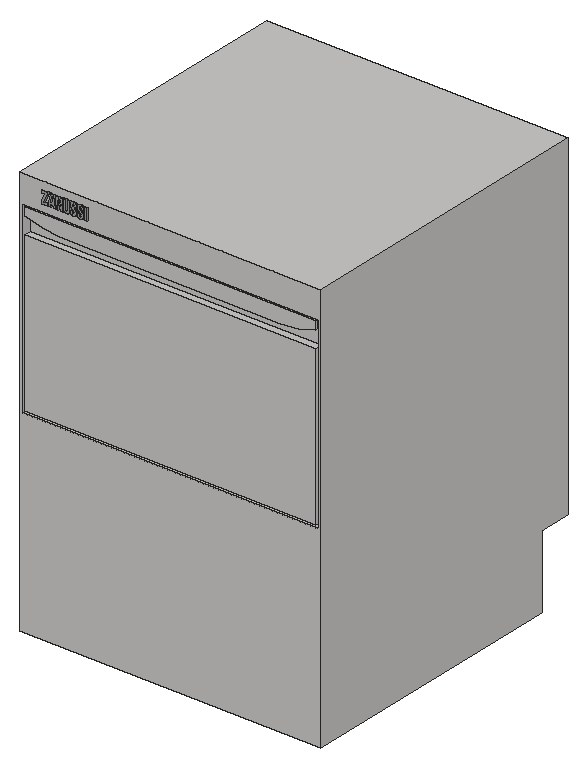
Revit family "QF_ZANUSSI_502725_ZLI3", category Specialty Equipment, Revit 2018
Family settings
  Round Connector Dimension = Use Diameter
  Part Type = Normal
  Work Plane-Based = No
  Always vertical = Yes
  Cut with Voids When Loaded = No
  Shared = No
  Room Calculation Point = No
Parameters (values of type "Standard")
  Weight = 56.00 kg
  Watts = 0 W
  Volts = 400 V
  URL Manufacturer = "http://www.zanussiprofessional.com"
  URL = "http://www.zanussiprofessional.com"
  Steam Supply Size = 0 mm
  Steam Supply Minimum Pressure = 0.0 Pa
  Steam Supply Maximum Pressure = 0.0 Pa
  Steam Pounds per Hour = 0
  Show Logo [instance] = yes
  Show Clearance [instance] = yes
  Refrigeration Suction Line Size = 0 mm
  Refrigeration Liquid Line Size = 0 mm
  Refrigerant Compressor Remote = yes
  Manufacturer = "Zanussi"
  Phase = 3
  Model = "ZLI3"
  Length Actual = 600 mm  # constant formula
  Item Number = "502725"
  Hot Water Size = 19.05 mm
  Height Actual = 820 mm  # constant formula
  HP = "7.2 HP"
  Gas Size = 0 mm
  Gas KW = 0
  Gas Input Pressure = 0 W
  Direct Waste Size = 40 mm
  Description = "UNDERCOUNTER(L), DOUBLE SKIN, 3PH, 720D/H"
  Depth Actual = 615 mm  # constant formula
  Cycle = 50 Hz
  Condensate Return Size = 0 mm
  Compressed Air Volume = 0.0 L/s
  Compressed Air Size = 0 mm
  Compressed Air Pressure = 0.0 Pa
  Cold Water Size = 0 mm
  Accessory = yes
Reference planes
  plane 1 "Center (Front/Back)": y = 0
  plane 2: z = 0
  plane 3 "Center (Left/Right)": x = 0
  plane 4 "LEFT": x = -300
  plane 5 "RIGHT": x = 300
  plane 6 "FRONT": y = -307.5
  plane 7 "BACK": y = 307.5
  plane 8: x = -202.5
  plane 9: x = 202.5
  plane 10: z = 830
  plane 11: z = 10
  plane 12: y = -679.5
Forms (mm)
  Extrusion 1, solid, material "QF_Finishes_Stainless Steel"
    sketch origin (0, 0, 0) x (1, 0, 0) y (0, 1, 0)
      loop
        line (-300, -307.5) -> (300, -307.5) -> (300, 243.5) -> (-300, 243.5) -> (-300, -307.5)
    from 10 to 830
  Extrusion 2, solid, material "QF_Finishes_Stainless Steel"
    sketch origin (0, 0, 0) x (1, 0, 0) y (0, 1, 0)
      loop
        line (-300, 243.5) -> (300, 243.5) -> (300, 307.5) -> (-300, 307.5) -> (-300, 243.5)
    from 157.434 to 830
  Extrusion 3, void
    sketch origin (-300, -307.5, 0) x (-1, 0, 0) y (0, 0, 1)
      loop
        line (-5, 773.217) -> (-595, 773.217) -> (-595, 401.217) -> (-5, 401.217) -> (-5, 773.217)
    from 0 to 30
  Extrusion 4, solid, material "QF_Finishes_Stainless Steel"
    sketch origin (-274, -392, 733) x (0, 0, -1) y (1, 0, 0)
      loop
        circle (693, 143) r 10
    from -635.5 to -699.5
  Extrusion 5, solid, material "QF_Door-Drawer Clearances", visible <- "Show Clearance", detail levels coarse
    sketch origin (-230, -282.5, -30) x (0, 1, 0) y (0, 0, -1)
      loop
        line (-25, -431.217) -> (-397, -431.217)
        arc (-397, -431.217) -> (-288.044, -694.261) -> (-25, -803.217) r 372
        line (-25, -803.217) -> (-25, -431.217)
    from 59.655 to -520
  Extrusion 6, solid, material "QF_Finishes_Stainless Steel"
    sketch origin (-331.481, -392, 703) x (0, 0, -1) y (1, 0, 0)
      loop
        circle (663, 252.481) r 8
    from -635.5 to -699.5
  Extrusion 7, solid, material "QF_Finishes_Stainless Steel"
    sketch origin (-230, -282.5, 0) x (0, 1, 0) y (0, 0, -1)
      loop
        line (-25, -406.25) -> (-25, -720) -> (-10, -720) -> (-10, -770) -> (0, -770) -> (0, -406.25) -> (-25, -406.25)
    from 59.655 to -520
  Extrusion 8, solid, material "QF_Finishes_Stainless Steel"
    sketch origin (-230, -282.5, 0) x (0, 1, 0) y (0, 0, -1)
      loop
        line (-10, -770) -> (-10, -767.514) -> (-22.5, -767.514) -> (-22.5, -741.25) -> (-25, -741.25) -> (-25, -770) -> (-10, -770)
    from 59.655 to -520
  Extrusion 9, void
    sketch origin (-230, -307.5, 770) x (0, 0, 1) y (1, 0, 0)
      loop
        line (-28.75, 10.266) -> (-28.75, -59.655) -> (-15.552, -59.655)
        arc (-15.552, -59.655) -> (-25.346, -25.298) -> (-28.75, 10.266) r 196.283
      loop
        arc (-28.75, 450.08) -> (-25.346, 485.643) -> (-15.552, 520) r 196.283
        line (-15.552, 520) -> (-28.75, 520) -> (-28.75, 450.08)
    from 0 to 2.5
  Extrusion 10, solid, material "QF_Finishes_Stainless Steel"
    sketch origin (-301, 938.5, 792.934) x (0, -1, 0) y (1, 0, 0)
      loop
        circle (663, 158) r 8
    from -635.5 to -645.5
  Extrusion 11, solid, material "QF_Finishes_Stainless Steel"
    sketch origin (0, 17.5, 0) x (1, 0, 0) y (0, 1, 0)
      loop
        circle (-254, -255) r 12.5
      loop
        circle (254, -255) r 12.5
      loop
        circle (-254, 176) r 12.5
      loop
        circle (254, 176) r 12.5
    from 0 to 10
Cuts and joins
  Extrusion 3 cuts Extrusion 1
  joined: Extrusion 1, Extrusion 2
  Extrusion 9 cuts Extrusion 7
  Extrusion 9 cuts Extrusion 8
Lines and regions (mm)
  Split face 1
    outline origin (-280, -307.5, 830) x (0, 0, -1) y (1, 0, 0)
      loop
        line (19.683, 178.044) -> (39.683, 178.044) -> (39.683, 218.044) -> (19.683, 218.044) -> (19.683, 178.044)
  Split face 2
    outline origin (-300, -307.5, 830) x (0, 0, -1) y (1, 0, 0)
      loop
        line (0, 60) -> (8.971, 363.359)
        arc (8.971, 363.359) -> (10.385, 376.81) -> (13.197, 390.04) r 129.217
        line (13.197, 390.04) -> (16.45, 402.178)
        arc (16.45, 402.178) -> (21.39, 439.707) -> (16.45, 477.235) r 145
        line (16.45, 477.235) -> (12.733, 491.107)
        arc (12.733, 491.107) -> (7.775, 516.22) -> (4.504, 541.608) r 383.339
        line (4.504, 541.608) -> (0, 579.217)
      loop
        line (56.783, 109.273) -> (50.394, 371.184)
        arc (50.394, 371.184) -> (48.98, 384.635) -> (46.168, 397.865) r 129.217
        line (46.168, 397.865) -> (42.916, 410.003)
        arc (42.916, 410.003) -> (37.975, 447.532) -> (42.916, 485.06) r 145
        line (42.916, 485.06) -> (46.633, 498.932)
        arc (46.633, 498.932) -> (51.508, 520.123) -> (54.862, 541.608) r 305
        line (54.862, 541.608) -> (56.783, 557.653)
  Split face 3
    outline origin (-300, -307.5, 830) x (0, 0, -1) y (1, 0, 0)
      loop
        line (0.533, 600) -> (7.482, 541.965)
        arc (7.482, 541.965) -> (10.72, 516.79) -> (15.63, 491.887) r 380.339
        line (15.63, 491.887) -> (19.347, 478.015)
        arc (19.347, 478.015) -> (24.39, 439.71) -> (19.347, 401.405) r 148
        line (19.347, 401.405) -> (16.095, 389.267)
        arc (16.095, 389.267) -> (13.348, 376.344) -> (11.967, 363.205) r 126.217
        line (11.967, 363.205) -> (0, 2.678)
      loop
        line (56.783, 582.884) -> (51.883, 541.965)
        arc (51.883, 541.965) -> (48.562, 520.691) -> (43.735, 499.709) r 302
        line (43.735, 499.709) -> (40.018, 485.837)
        arc (40.018, 485.837) -> (34.975, 447.532) -> (40.018, 409.226) r 148
        line (40.018, 409.226) -> (43.27, 397.089)
        arc (43.27, 397.089) -> (46.017, 384.166) -> (47.398, 371.027) r 126.217
        line (47.398, 371.027) -> (56.783, 51.951)
  Split face 4
    outline origin (-300, -307.5, 830) x (0, 0, -1) y (1, 0, 0)
      loop
        line (56.783, 5) -> (56.783, 0)
      loop
        line (56.783, 595) -> (56.783, 600)
  symbolic lines
    curve 1: line (-300, 307.5, 0) -> (300, 307.5, 0)
    curve 2: line (-300, -307.5, 0) -> (-300, 307.5, 0)
    curve 3: line (300, -307.5, 0) -> (-300, -307.5, 0)
    curve 4: line (300, 307.5, 0) -> (300, -307.5, 0)
  symbolic lines, style "QF_Door-Drawer Clearances"
    curve 5: line (-290, -679.5, 0) -> (290, -679.5, 0)
    curve 6: line (290, -679.5, 0) -> (290, -307.5, 0)
    curve 7: line (-290, -679.5, 0) -> (-290, -307.5, 0)
  symbolic lines, style "SpecialityEquipmentHiddenLines"
    curve 8: line (-300, 243.5, 0) -> (300, 243.5, 0)
Dimensions and locks
  equal spacing: plane 4 "LEFT", plane 3 "Center (Left/Right)", plane 5 "RIGHT"
  equal spacing: plane 7 "BACK", plane 1 "Center (Front/Back)", plane 6 "FRONT"
  plane 7 "BACK" to plane 6 "FRONT" = 615 mm
  plane 4 "LEFT" to plane 5 "RIGHT" = 600 mm
  plane 4 "LEFT" to plane 8 = 97.5 mm
  plane 9 to plane 5 "RIGHT" = 97.5 mm
  plane 11 to level = 10 mm
  plane 4 "LEFT" to plane 3 "Center (Left/Right)" = 300 mm
  plane 10 to level = 830 mm  (x2)
  plane 8 to plane 9 = 405 mm
  Extrusion 10 sketch curve to plane 4 "LEFT" = 157 mm
  level to Extrusion 4 sketch curve = 40 mm
  Extrusion 4 sketch curve to plane 4 "LEFT" = 169 mm
  Extrusion 6 sketch curve to plane 4 "LEFT" = 221 mm
  level to Extrusion 6 sketch curve = 40 mm
  plane 9 to plane 8 = 405 mm
  plane 7 "BACK" to curve 5 = 987 mm
  cut or joined group of Extrusion 7, Extrusion 9 to cut or joined group of Extrusion 1, Extrusion 2, Extrusion 3 = 318.783 mm
  plane 10 to plane 11 = 820 mm
  cut or joined group of Extrusion 8, Extrusion 9 to Extrusion 5 = 368.783 mm
  plane 7 "BACK" to plane 12 = 987 mm
  aligned and locked: level to plane 2
  aligned and locked: Extrusion 1 sketch curve to plane 6 "FRONT"
  aligned and locked: Extrusion 1 sketch curve to plane 4 "LEFT"
  aligned and locked: plane 5 "RIGHT" to Extrusion 1 sketch curve
  aligned and locked: Extrusion 1 to plane 11
  aligned and locked: Extrusion 2 sketch curve to Extrusion 1  (x2)
  aligned and locked: plane 7 "BACK" to Extrusion 2 sketch curve
  aligned and locked: plane 5 "RIGHT" to Extrusion 2 sketch curve
  aligned and locked: Extrusion 2 to Extrusion 4
  aligned and locked: Extrusion 2 to Extrusion 6
  aligned and locked: plane 7 "BACK" to Extrusion 6
  aligned and locked: plane 7 "BACK" to Extrusion 4
  aligned and locked: cut or joined group of Extrusion 8, Extrusion 9 to Extrusion 9
  aligned and locked: plane 10 to Extrusion 2
Automatic sketch dimensions
  Extrusion 1 sketch curve to plane 7 "BACK" = 64 mm
  Extrusion 3 sketch curve to Extrusion 1 = 5 mm  (x2)
  Extrusion 3 sketch curve to Extrusion 1 = 428.783 mm
  Extrusion 3 sketch curve to Extrusion 1 = 56.783 mm
  Extrusion 7 sketch curve to plane 6 "FRONT" = 0 mm
  plane 6 "FRONT" to Extrusion 7 sketch curve = 15 mm
  Extrusion 7 sketch curve to Extrusion 7 sketch curve = 25 mm
  Extrusion 7 sketch curve to plane 10 = 60 mm
  Extrusion 7 sketch curve to Extrusion 7 sketch curve = 50 mm
  Extrusion 7 sketch curve to Extrusion 7 sketch curve = 313.75 mm
  Extrusion 8 sketch curve to plane 6 "FRONT" = 0 mm
  Extrusion 8 sketch curve to Extrusion 8 sketch curve = 2.5 mm
  Extrusion 8 sketch curve to Extrusion 8 sketch curve = 12.5 mm
  Extrusion 8 sketch curve to plane 10 = 60 mm
  Extrusion 8 sketch curve to Extrusion 8 sketch curve = 2.486 mm
  Extrusion 8 sketch curve to Extrusion 8 sketch curve = 26.264 mm
  Extrusion 9 sketch curve to Extrusion 8 = 0 mm  (x3)
  Extrusion 8 to Extrusion 9 sketch curve = 0 mm
  Extrusion 9 sketch curve to Extrusion 8 = 13.198 mm  (x2)
  Extrusion 9 sketch curve to Extrusion 8 = 70.763 mm  (x2)
  Extrusion 9 sketch curve to Extrusion 8 = 196.281 mm  (x2)
  Split face 1 sketch curve to cut or joined group of Extrusion 1, Extrusion 2, Extrusion 3 = 19.683 mm
  cut or joined group of Extrusion 1, Extrusion 2, Extrusion 3 to Split face 1 sketch curve = 17.1 mm
  Split face 1 sketch curve to cut or joined group of Extrusion 1, Extrusion 2, Extrusion 3 = 193.044 mm
  Split face 1 sketch curve to Split face 1 sketch curve = 40 mm
  Split face 2 sketch curve to cut or joined group of Extrusion 1, Extrusion 2, Extrusion 3 = 0 mm  (x4)
  cut or joined group of Extrusion 1, Extrusion 2, Extrusion 3 to Split face 2 sketch curve = 78.646 mm
  Split face 2 sketch curve to Split face 2 sketch curve = 44.963 mm  (x2)
  Split face 2 sketch curve to cut or joined group of Extrusion 1, Extrusion 2, Extrusion 3 = 17.128 mm  (x2)
  Split face 2 sketch curve to Split face 2 sketch curve = 124.365 mm
  Split face 2 sketch curve to cut or joined group of Extrusion 1, Extrusion 2, Extrusion 3 = 4.504 mm
  Split face 2 sketch curve to cut or joined group of Extrusion 1, Extrusion 2, Extrusion 3 = 8.971 mm
  Split face 2 sketch curve to cut or joined group of Extrusion 1, Extrusion 2, Extrusion 3 = 12.733 mm
  Split face 2 sketch curve to cut or joined group of Extrusion 1, Extrusion 2, Extrusion 3 = 13.197 mm
  Split face 2 sketch curve to Split face 2 sketch curve = 3.717 mm
  Split face 2 sketch curve to Split face 2 sketch curve = 3.252 mm
  cut or joined group of Extrusion 1, Extrusion 2, Extrusion 3 to Split face 2 sketch curve = 13.867 mm  (x2)
  cut or joined group of Extrusion 1, Extrusion 2, Extrusion 3 to Split face 2 sketch curve = 10.615 mm
  cut or joined group of Extrusion 1, Extrusion 2, Extrusion 3 to Split face 2 sketch curve = 10.15 mm
  cut or joined group of Extrusion 1, Extrusion 2, Extrusion 3 to Split face 2 sketch curve = 6.389 mm
  cut or joined group of Extrusion 1, Extrusion 2, Extrusion 3 to Split face 2 sketch curve = 1.921 mm
  Split face 2 sketch curve to cut or joined group of Extrusion 1, Extrusion 2, Extrusion 3 = 81.229 mm
  Split face 2 sketch curve to cut or joined group of Extrusion 1, Extrusion 2, Extrusion 3 = 42.66 mm
  Split face 2 sketch curve to cut or joined group of Extrusion 1, Extrusion 2, Extrusion 3 = 53.392 mm
  Split face 2 sketch curve to Split face 2 sketch curve = 0 mm
  Split face 2 sketch curve to Split face 2 sketch curve = 13.872 mm  (x2)
  Split face 2 sketch curve to Split face 2 sketch curve = 37.529 mm  (x2)
  Split face 2 sketch curve to Split face 2 sketch curve = 12.138 mm  (x2)
  Split face 2 sketch curve to Split face 2 sketch curve = 26.681 mm  (x2)
  Split face 2 sketch curve to Split face 2 sketch curve = 16.045 mm
  Split face 2 sketch curve to cut or joined group of Extrusion 1, Extrusion 2, Extrusion 3 = 104.273 mm
  Split face 2 sketch curve to cut or joined group of Extrusion 1, Extrusion 2, Extrusion 3 = 55 mm
  Split face 2 sketch curve to cut or joined group of Extrusion 1, Extrusion 2, Extrusion 3 = 15.783 mm
  Split face 3 sketch curve to cut or joined group of Extrusion 1, Extrusion 2, Extrusion 3 = 0 mm  (x4)
  cut or joined group of Extrusion 1, Extrusion 2, Extrusion 3 to Split face 3 sketch curve = 78.646 mm
  Split face 3 sketch curve to Split face 3 sketch curve = 44.963 mm  (x2)
  Split face 3 sketch curve to cut or joined group of Extrusion 1, Extrusion 2, Extrusion 3 = 17.128 mm  (x2)
  Split face 3 sketch curve to Split face 3 sketch curve = 124.365 mm
  Split face 3 sketch curve to cut or joined group of Extrusion 1, Extrusion 2, Extrusion 3 = 7.482 mm
  Split face 3 sketch curve to cut or joined group of Extrusion 1, Extrusion 2, Extrusion 3 = 11.967 mm
  Split face 3 sketch curve to cut or joined group of Extrusion 1, Extrusion 2, Extrusion 3 = 15.63 mm
  Split face 3 sketch curve to cut or joined group of Extrusion 1, Extrusion 2, Extrusion 3 = 16.095 mm
  Split face 3 sketch curve to Split face 3 sketch curve = 3.252 mm  (x2)
  Split face 3 sketch curve to Split face 3 sketch curve = 3.717 mm
  cut or joined group of Extrusion 1, Extrusion 2, Extrusion 3 to Split face 3 sketch curve = 16.765 mm  (x2)
  cut or joined group of Extrusion 1, Extrusion 2, Extrusion 3 to Split face 3 sketch curve = 13.048 mm
  cut or joined group of Extrusion 1, Extrusion 2, Extrusion 3 to Split face 3 sketch curve = 9.385 mm
  cut or joined group of Extrusion 1, Extrusion 2, Extrusion 3 to Split face 3 sketch curve = 4.9 mm
  Split face 3 sketch curve to cut or joined group of Extrusion 1, Extrusion 2, Extrusion 3 = 81.229 mm
  Split face 3 sketch curve to cut or joined group of Extrusion 1, Extrusion 2, Extrusion 3 = 42.66 mm
  Split face 3 sketch curve to cut or joined group of Extrusion 1, Extrusion 2, Extrusion 3 = 53.035 mm
  Split face 3 sketch curve to Split face 3 sketch curve = 0 mm
  Split face 3 sketch curve to Split face 3 sketch curve = 13.872 mm  (x2)
  Split face 3 sketch curve to Split face 3 sketch curve = 38.305 mm  (x2)
  Split face 3 sketch curve to Split face 3 sketch curve = 12.138 mm  (x2)
  Split face 3 sketch curve to Split face 3 sketch curve = 26.062 mm  (x2)
  Split face 3 sketch curve to cut or joined group of Extrusion 1, Extrusion 2, Extrusion 3 = 0.533 mm
  Split face 3 sketch curve to cut or joined group of Extrusion 1, Extrusion 2, Extrusion 3 = 46.951 mm
  cut or joined group of Extrusion 1, Extrusion 2, Extrusion 3 to Split face 3 sketch curve = 2.322 mm
  Split face 3 sketch curve to cut or joined group of Extrusion 1, Extrusion 2, Extrusion 3 = 12.116 mm
  cut or joined group of Extrusion 1, Extrusion 2, Extrusion 3 to Split face 4 sketch curve = 0 mm
  Split face 4 sketch curve to cut or joined group of Extrusion 1, Extrusion 2, Extrusion 3 = 0 mm  (x5)
  plane 4 "LEFT" to Extrusion 11 sketch curve = 46 mm  (x2)
  Extrusion 11 sketch curve to plane 5 "RIGHT" = 46 mm  (x2)
  plane 6 "FRONT" to Extrusion 11 sketch curve = 70 mm  (x2)
  Extrusion 11 sketch curve to plane 7 "BACK" = 114 mm  (x2)
  curve 8 to plane 4 "LEFT" = 0 mm
  curve 7 to plane 6 "FRONT" = 0 mm
  curve 4 to plane 5 "RIGHT" = 0 mm
  curve 2 to plane 7 "BACK" = 0 mm
  plane 4 "LEFT" to curve 7 = 10 mm
  curve 5 to plane 5 "RIGHT" = 10 mm
  curve 8 to plane 7 "BACK" = 64 mm
  Extrusion 5 sketch curve to plane 12 = 0 mm
  Extrusion 5 sketch curve to plane 6 "FRONT" = 0 mm
  plane 11 to Extrusion 5 sketch curve = 391.217 mm
  Extrusion 10 sketch curve to plane 7 "BACK" = 32 mm
  radius of Extrusion 4 sketch curve = 10 mm
  radius of Extrusion 6 sketch curve = 8 mm
  radius of Extrusion 10 sketch curve = 8 mm
  radius of Extrusion 11 sketch curve = 12.5 mm  (x4)
Nested families
  nested 1: "ZAN_Logo_S_Grey" at (-210.606, -307.5, 801.116) x (1, 0, 0) z (0, -1, 0), type "ZAN_Logo_S_Grey"
Connectors
  piping at (-131, 307.5, 40), diameter 20
    settings: on Extrusion 4, index 1, connector inside diameter 609.6 mm, connector length 0 mm, flow factor 0, pipe flow 0.0 L/s, pressure drop 0.0 Pa, fitting loss kfactor 0, connector angle 0.00°, fixture units 0, engagement length 0 mm, angle of deflection 0.00°, flow configuration 1, flow direction 1, fitting loss method 0, system type 16, joint type 0, gender type 0, connector reference index -1, connector utility 0, adjustable connector no, is connector primary yes, connector description "Drain"
  piping at (-79, 307.5, 40), diameter 19.05, driven by "Hot Water Size"
    settings: on Extrusion 6, index 3, connector inside diameter 609.6 mm, connector length 0 mm, flow factor 0, pipe flow 0.0 L/s, pressure drop 0.0 Pa, fitting loss kfactor 0, connector angle 0.00°, fixture units 0, engagement length 0 mm, angle of deflection 0.00°, flow configuration 1, flow direction 1, fitting loss method 0, system type 19, joint type 0, gender type 0, connector reference index -1, connector utility 0, adjustable connector no, is connector primary no, connector description "Hot Water Inlet"
  electrical at (-143, 275.5, 147.434), driven by "Volts"
    settings: on Extrusion 10, index 4, voltage 400 V, apparent load 0 VA, apparent load phase1 0 VA, apparent load phase2 0 VA, apparent load phase3 0 VA, power factor 1, load classification "Altro", number of poles 1, system type 31, power factor state 1, is connector primary yes, connector utility no, sub classification motor no, connector description "Electrical Connection"
Definition of nested family "ZAN_Logo_S_Grey"
  Parameters (values of type "ZAN_Logo_S_Grey")
    Default Elevation = 0 mm
  Reference planes
    plane 1 "Centro (Fronte/Retro)": y = 0
    plane 2: z = 0
    plane 3 "Centro (Sinistra/Destra)": x = 0
  Forms (mm)
    Extrusion 1, solid
      sketch origin (0, 0, 0) x (1, 0, 0) y (0, 1, 0)
        loop
          line (-1219.2, 1219.2) -> (-1219.2, -1219.2) -> (1219.2, -1219.2) -> (1219.2, 1219.2) -> (-1219.2, 1219.2)
      from 0 to -304.8
    Extrusion 2, solid
      sketch origin (17.793, -46.218, 0) x (-1, 0, 0) y (0, -1, 0)
        loop
          spline (-4.176, -58.079) -> (-3.496, -58.328) -> (-2.793, -58.512) -> (-2.075, -58.63) -> (-1.348, -58.682) -> (-0.619, -58.669) -> (0.106, -58.588) -> (0.818, -58.44) -> (1.512, -58.225) -> (2.18, -57.941) -> (2.817, -57.589) -> (3.414, -57.167) -> (3.966, -56.676)
          spline (3.966, -56.676) -> (4.293, -56.162) -> (4.575, -55.61) -> (4.81, -55.026) -> (5, -54.419) -> (5.146, -53.797) -> (5.247, -53.166) -> (5.304, -52.536) -> (5.318, -51.913) -> (5.288, -51.306) -> (5.217, -50.723) -> (5.103, -50.17) -> (4.949, -49.657)
          line (4.949, -49.657) -> (2.702, -46.428) -> (0.316, -44.323)
          spline (0.316, -44.323) -> (0.065, -44.115) -> (-0.195, -43.909) -> (-0.46, -43.704) -> (-0.729, -43.496) -> (-0.997, -43.282) -> (-1.263, -43.059) -> (-1.523, -42.825) -> (-1.774, -42.576) -> (-2.013, -42.309) -> (-2.238, -42.022) -> (-2.445, -41.712) -> (-2.632, -41.375)
          spline (-2.632, -41.375) -> (-2.666, -41.159) -> (-2.697, -40.934) -> (-2.722, -40.701) -> (-2.736, -40.465) -> (-2.736, -40.227) -> (-2.72, -39.989) -> (-2.682, -39.754) -> (-2.621, -39.524) -> (-2.533, -39.302) -> (-2.414, -39.091) -> (-2.261, -38.892) -> (-2.07, -38.708)
          line (-2.07, -38.708) -> (-0.245, -38.567)
          spline (-0.245, -38.567) -> (0.096, -38.8) -> (0.354, -39.074) -> (0.54, -39.381) -> (0.664, -39.716) -> (0.738, -40.073) -> (0.772, -40.445) -> (0.777, -40.825) -> (0.763, -41.208) -> (0.742, -41.588) -> (0.723, -41.957) -> (0.718, -42.309) -> (0.737, -42.638)
          line (0.737, -42.638) -> (5.65, -42.638)
          spline (5.65, -42.638) -> (5.708, -42.042) -> (5.741, -41.448) -> (5.747, -40.857) -> (5.723, -40.273) -> (5.668, -39.696) -> (5.58, -39.129) -> (5.457, -38.574) -> (5.297, -38.032) -> (5.098, -37.506) -> (4.857, -36.997) -> (4.574, -36.508) -> (4.247, -36.041)
          spline (4.247, -36.041) -> (3.844, -35.675) -> (3.409, -35.35) -> (2.946, -35.065) -> (2.458, -34.819) -> (1.949, -34.612) -> (1.421, -34.444) -> (0.88, -34.314) -> (0.326, -34.221) -> (-0.234, -34.165) -> (-0.8, -34.146) -> (-1.366, -34.163) -> (-1.93, -34.216)
          spline (-1.93, -34.216) -> (-2.526, -34.309) -> (-3.116, -34.448) -> (-3.695, -34.633) -> (-4.259, -34.861) -> (-4.801, -35.131) -> (-5.316, -35.444) -> (-5.799, -35.798) -> (-6.245, -36.191) -> (-6.648, -36.624) -> (-7.002, -37.095) -> (-7.303, -37.603) -> (-7.545, -38.146)
          spline (-7.545, -38.146) -> (-7.694, -38.815) -> (-7.792, -39.487) -> (-7.839, -40.158) -> (-7.836, -40.824) -> (-7.785, -41.482) -> (-7.685, -42.129) -> (-7.539, -42.762) -> (-7.347, -43.377) -> (-7.111, -43.97) -> (-6.83, -44.538) -> (-6.506, -45.078) -> (-6.141, -45.586)
          line (-6.141, -45.586) -> (-0.526, -50.64) -> (0.176, -51.482)
          spline (0.176, -51.482) -> (0.248, -51.66) -> (0.323, -51.843) -> (0.397, -52.03) -> (0.467, -52.22) -> (0.529, -52.412) -> (0.579, -52.605) -> (0.615, -52.798) -> (0.633, -52.989) -> (0.63, -53.179) -> (0.601, -53.366) -> (0.545, -53.55) -> (0.456, -53.728)
          spline (0.456, -53.728) -> (0.375, -53.892) -> (0.273, -54.034) -> (0.154, -54.155) -> (0.02, -54.258) -> (-0.126, -54.343) -> (-0.28, -54.412) -> (-0.441, -54.466) -> (-0.604, -54.508) -> (-0.767, -54.537) -> (-0.928, -54.556) -> (-1.082, -54.567) -> (-1.228, -54.57)
          line (-1.228, -54.57) -> (-2.632, -53.587) -> (-2.772, -50.64) -> (-7.405, -50.64)
          spline (-7.405, -50.64) -> (-7.41, -51.031) -> (-7.423, -51.432) -> (-7.44, -51.839) -> (-7.456, -52.251) -> (-7.469, -52.665) -> (-7.475, -53.079) -> (-7.468, -53.489) -> (-7.446, -53.894) -> (-7.404, -54.291) -> (-7.339, -54.679) -> (-7.247, -55.053) -> (-7.123, -55.412)
          spline (-7.123, -55.412) -> (-6.999, -55.693) -> (-6.837, -55.97) -> (-6.643, -56.244) -> (-6.422, -56.509) -> (-6.177, -56.765) -> (-5.913, -57.009) -> (-5.634, -57.238) -> (-5.346, -57.45) -> (-5.051, -57.643) -> (-4.755, -57.814) -> (-4.462, -57.96) -> (-4.176, -58.079)
        loop
          spline (-21.021, -55.552) -> (-20.633, -56.181) -> (-20.177, -56.736) -> (-19.661, -57.217) -> (-19.092, -57.627) -> (-18.478, -57.966) -> (-17.827, -58.237) -> (-17.147, -58.441) -> (-16.446, -58.578) -> (-15.73, -58.652) -> (-15.009, -58.662) -> (-14.29, -58.611) -> (-13.581, -58.5)
          spline (-13.581, -58.5) -> (-13.088, -58.407) -> (-12.595, -58.269) -> (-12.109, -58.088) -> (-11.636, -57.866) -> (-11.183, -57.605) -> (-10.756, -57.307) -> (-10.361, -56.974) -> (-10.004, -56.608) -> (-9.692, -56.211) -> (-9.431, -55.784) -> (-9.228, -55.33) -> (-9.089, -54.851)
          spline (-9.089, -54.851) -> (-8.873, -54.211) -> (-8.715, -53.559) -> (-8.615, -52.901) -> (-8.574, -52.241) -> (-8.592, -51.585) -> (-8.668, -50.938) -> (-8.802, -50.306) -> (-8.995, -49.693) -> (-9.247, -49.106) -> (-9.557, -48.55) -> (-9.925, -48.03) -> (-10.352, -47.551)
          line (-10.352, -47.551) -> (-15.546, -42.919) -> (-16.669, -41.234)
          spline (-16.669, -41.234) -> (-16.704, -41.021) -> (-16.735, -40.804) -> (-16.761, -40.583) -> (-16.778, -40.361) -> (-16.784, -40.139) -> (-16.774, -39.919) -> (-16.748, -39.701) -> (-16.7, -39.488) -> (-16.63, -39.28) -> (-16.533, -39.08) -> (-16.406, -38.889) -> (-16.248, -38.708)
          line (-16.248, -38.708) -> (-14.844, -38.427)
          spline (-14.844, -38.427) -> (-14.347, -38.545) -> (-13.969, -38.749) -> (-13.695, -39.028) -> (-13.508, -39.368) -> (-13.393, -39.757) -> (-13.335, -40.182) -> (-13.318, -40.63) -> (-13.326, -41.089) -> (-13.344, -41.546) -> (-13.356, -41.988) -> (-13.347, -42.403) -> (-13.3, -42.779)
          line (-13.3, -42.779) -> (-8.387, -42.638)
          spline (-8.387, -42.638) -> (-8.326, -42.034) -> (-8.288, -41.417) -> (-8.277, -40.794) -> (-8.299, -40.169) -> (-8.357, -39.548) -> (-8.457, -38.936) -> (-8.604, -38.339) -> (-8.803, -37.762) -> (-9.058, -37.21) -> (-9.375, -36.689) -> (-9.758, -36.204) -> (-10.212, -35.76)
          spline (-10.212, -35.76) -> (-10.793, -35.336) -> (-11.409, -34.976) -> (-12.054, -34.679) -> (-12.723, -34.445) -> (-13.409, -34.273) -> (-14.107, -34.163) -> (-14.811, -34.115) -> (-15.515, -34.127) -> (-16.213, -34.2) -> (-16.899, -34.333) -> (-17.568, -34.526) -> (-18.213, -34.777)
          spline (-18.213, -34.777) -> (-18.496, -34.897) -> (-18.783, -35.044) -> (-19.071, -35.216) -> (-19.357, -35.412) -> (-19.639, -35.629) -> (-19.915, -35.865) -> (-20.182, -36.119) -> (-20.438, -36.389) -> (-20.681, -36.672) -> (-20.907, -36.967) -> (-21.115, -37.272) -> (-21.301, -37.585)
          spline (-21.301, -37.585) -> (-21.55, -38.26) -> (-21.734, -38.948) -> (-21.854, -39.647) -> (-21.91, -40.351) -> (-21.901, -41.057) -> (-21.828, -41.761) -> (-21.69, -42.459) -> (-21.489, -43.148) -> (-21.222, -43.823) -> (-20.892, -44.48) -> (-20.497, -45.116) -> (-20.038, -45.726)
          line (-20.038, -45.726) -> (-14.142, -51.061) -> (-13.44, -52.886) -> (-14.002, -54.289) -> (-15.265, -54.57) -> (-16.669, -53.587) -> (-16.81, -50.78) -> (-21.582, -50.64)
          spline (-21.582, -50.64) -> (-21.558, -51.063) -> (-21.55, -51.491) -> (-21.554, -51.92) -> (-21.561, -52.35) -> (-21.567, -52.778) -> (-21.565, -53.201) -> (-21.547, -53.619) -> (-21.509, -54.029) -> (-21.444, -54.43) -> (-21.345, -54.818) -> (-21.206, -55.193) -> (-21.021, -55.552)
        loop
          line (-22.424, -34.216) -> (-27.337, -34.216) -> (-27.337, -58.22) -> (-22.424, -58.22) -> (-22.424, -34.216)
        loop
          line (14.213, -39.971) -> (14.213, -58.22) -> (19.126, -58.22) -> (19.126, -42.077) -> (18.845, -38.146) -> (18.424, -37.164) -> (17.442, -35.9) -> (16.459, -35.199) -> (14.494, -34.356) -> (13.511, -34.216) -> (11.265, -34.216) -> (10.142, -34.497) -> (8.458, -35.479) -> (6.493, -38.287) -> (6.352, -39.269) -> (6.352, -58.22) -> (11.265, -58.22) -> (11.265, -40.392) -> (11.827, -39.129) -> (13.371, -38.988) -> (14.213, -39.971)
        loop
          line (20.249, -58.22) -> (24.741, -58.22) -> (24.741, -42.919) -> (28.812, -58.22) -> (34.006, -58.22) -> (34.006, -34.216) -> (29.654, -34.216) -> (29.654, -50.078) -> (25.583, -34.216) -> (20.249, -34.216) -> (20.249, -58.22)
        loop
          line (50.149, -58.22) -> (62.361, -58.22) -> (62.361, -53.728) -> (55.904, -53.868) -> (62.923, -39.129) -> (62.923, -34.216) -> (50.149, -34.216) -> (50.149, -39.129) -> (57.517, -39.129) -> (50.149, -54.149) -> (50.149, -58.22)
        loop
          line (38.778, -58.22) -> (45.516, -58.22) -> (49.868, -34.216) -> (44.814, -34.216) -> (44.113, -38.848) -> (40.042, -38.848) -> (39.34, -34.216) -> (34.286, -34.216) -> (38.778, -58.22)
        loop
          line (43.551, -43.2) -> (40.744, -43.2) -> (42.147, -54.117) -> (43.551, -43.2)
      from 0 to 1.644
  Dimensions and locks
    aligned and locked: plane 2 to Extrusion 1
    aligned and locked: level to Extrusion 1
